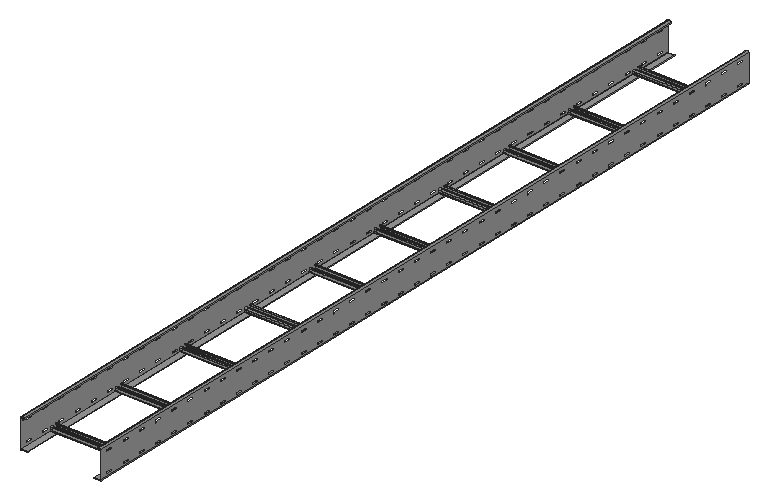
Revit family "Kabelleiter LG 113 VS 3 FT", category Generic Models, Revit 2017 (continued)
Forms (mm)
  Extrusion 155, void
    sketch origin (0, 2400, 0) x (0, 1, 0) y (0, 0, 1)
      loop
        line (23.5, 18.5) -> (23.5, 9.5) -> (51.5, 9.5) -> (51.5, 18.5) -> (23.5, 18.5)
    from 298.5 to 300
  Extrusion 156, void
    sketch origin (0, 2400, 75) x (0, 1, 0) y (0, 0, 1)
      loop
        line (23.5, 18.5) -> (23.5, 9.5) -> (51.5, 9.5) -> (51.5, 18.5) -> (23.5, 18.5)
    from 298.5 to 300
  Extrusion 157, void
    sketch origin (0, 2475, 0) x (0, 1, 0) y (0, 0, 1)
      loop
        line (23.5, 18.5) -> (23.5, 9.5) -> (51.5, 9.5) -> (51.5, 18.5) -> (23.5, 18.5)
    from 298.5 to 300
  Extrusion 158, void
    sketch origin (0, 2475, 75) x (0, 1, 0) y (0, 0, 1)
      loop
        line (23.5, 18.5) -> (23.5, 9.5) -> (51.5, 9.5) -> (51.5, 18.5) -> (23.5, 18.5)
    from 298.5 to 300
  Extrusion 159, void
    sketch origin (0, 2550, 0) x (0, 1, 0) y (0, 0, 1)
      loop
        line (23.5, 18.5) -> (23.5, 9.5) -> (51.5, 9.5) -> (51.5, 18.5) -> (23.5, 18.5)
    from 298.5 to 300
  Extrusion 160, void
    sketch origin (0, 2550, 75) x (0, 1, 0) y (0, 0, 1)
      loop
        line (23.5, 18.5) -> (23.5, 9.5) -> (51.5, 9.5) -> (51.5, 18.5) -> (23.5, 18.5)
    from 298.5 to 300
  Extrusion 161, void
    sketch origin (0, 2625, 0) x (0, 1, 0) y (0, 0, 1)
      loop
        line (23.5, 18.5) -> (23.5, 9.5) -> (51.5, 9.5) -> (51.5, 18.5) -> (23.5, 18.5)
    from 298.5 to 300
  Extrusion 162, void
    sketch origin (0, 2625, 75) x (0, 1, 0) y (0, 0, 1)
      loop
        line (23.5, 18.5) -> (23.5, 9.5) -> (51.5, 9.5) -> (51.5, 18.5) -> (23.5, 18.5)
    from 298.5 to 300
  Extrusion 163, void
    sketch origin (0, 2700, 0) x (0, 1, 0) y (0, 0, 1)
      loop
        line (23.5, 18.5) -> (23.5, 9.5) -> (51.5, 9.5) -> (51.5, 18.5) -> (23.5, 18.5)
    from 298.5 to 300
  Extrusion 164, void
    sketch origin (0, 2700, 75) x (0, 1, 0) y (0, 0, 1)
      loop
        line (23.5, 18.5) -> (23.5, 9.5) -> (51.5, 9.5) -> (51.5, 18.5) -> (23.5, 18.5)
    from 298.5 to 300
  Extrusion 165, void
    sketch origin (0, 2775, 0) x (0, 1, 0) y (0, 0, 1)
      loop
        line (23.5, 18.5) -> (23.5, 9.5) -> (51.5, 9.5) -> (51.5, 18.5) -> (23.5, 18.5)
    from 298.5 to 300
  Extrusion 166, void
    sketch origin (0, 2775, 75) x (0, 1, 0) y (0, 0, 1)
      loop
        line (23.5, 18.5) -> (23.5, 9.5) -> (51.5, 9.5) -> (51.5, 18.5) -> (23.5, 18.5)
    from 298.5 to 300
  Extrusion 167, void
    sketch origin (0, 2850, 0) x (0, 1, 0) y (0, 0, 1)
      loop
        line (23.5, 18.5) -> (23.5, 9.5) -> (51.5, 9.5) -> (51.5, 18.5) -> (23.5, 18.5)
    from 298.5 to 300
  Extrusion 168, void
    sketch origin (0, 2850, 75) x (0, 1, 0) y (0, 0, 1)
      loop
        line (23.5, 18.5) -> (23.5, 9.5) -> (51.5, 9.5) -> (51.5, 18.5) -> (23.5, 18.5)
    from 298.5 to 300
  Extrusion 169, void
    sketch origin (0, 2925, 0) x (0, 1, 0) y (0, 0, 1)
      loop
        line (23.5, 18.5) -> (23.5, 9.5) -> (51.5, 9.5) -> (51.5, 18.5) -> (23.5, 18.5)
    from 298.5 to 300
  Extrusion 170, void
    sketch origin (0, 2925, 75) x (0, 1, 0) y (0, 0, 1)
      loop
        line (23.5, 18.5) -> (23.5, 9.5) -> (51.5, 9.5) -> (51.5, 18.5) -> (23.5, 18.5)
    from 298.5 to 300
  Extrusion 171, void
    sketch origin (0, 0, 0) x (1, 0, 0) y (0, 1, 0)
      loop
        line (38.875, 153.481) -> (38.875, 146.443) -> (58.875, 146.443) -> (58.875, 153.481) -> (38.875, 153.481)
    from 1.5 to 3
  Extrusion 172, void
    sketch origin (50, 0, 0) x (1, 0, 0) y (0, 1, 0)
      loop
        line (38.875, 153.481) -> (38.875, 146.443) -> (58.875, 146.443) -> (58.875, 153.481) -> (38.875, 153.481)
    from 1.5 to 3
  Extrusion 173, void
    sketch origin (100, 0, 0) x (1, 0, 0) y (0, 1, 0)
      loop
        line (38.875, 153.481) -> (38.875, 146.443) -> (58.875, 146.443) -> (58.875, 153.481) -> (38.875, 153.481)
    from 1.5 to 3
  Extrusion 174, void
    sketch origin (150, 0, 0) x (1, 0, 0) y (0, 1, 0)
      loop
        line (38.875, 153.481) -> (38.875, 146.443) -> (58.875, 146.443) -> (58.875, 153.481) -> (38.875, 153.481)
    from 1.5 to 3
  Extrusion 175, void
    sketch origin (200, 0, 0) x (1, 0, 0) y (0, 1, 0)
      loop
        line (38.875, 153.481) -> (38.875, 146.443) -> (58.875, 146.443) -> (58.875, 153.481) -> (38.875, 153.481)
    from 1.5 to 3
  Extrusion 176, void, not visible
    sketch origin (0, 0, 0) x (1, 0, 0) y (0, 1, 0)
      loop
        line (38.875, 153.481) -> (38.875, 146.443) -> (58.875, 146.443) -> (58.875, 153.481) -> (38.875, 153.481)
    from 1.5 to 3
  Extrusion 177, void
    sketch origin (0, 300, 0) x (1, 0, 0) y (0, 1, 0)
      loop
        line (38.875, 153.481) -> (38.875, 146.443) -> (58.875, 146.443) -> (58.875, 153.481) -> (38.875, 153.481)
    from 1.5 to 3
  Extrusion 178, void
    sketch origin (50, 300, 0) x (1, 0, 0) y (0, 1, 0)
      loop
        line (38.875, 153.481) -> (38.875, 146.443) -> (58.875, 146.443) -> (58.875, 153.481) -> (38.875, 153.481)
    from 1.5 to 3
  Extrusion 179, void
    sketch origin (100, 300, 0) x (1, 0, 0) y (0, 1, 0)
      loop
        line (38.875, 153.481) -> (38.875, 146.443) -> (58.875, 146.443) -> (58.875, 153.481) -> (38.875, 153.481)
    from 1.5 to 3
  Extrusion 180, void
    sketch origin (150, 300, 0) x (1, 0, 0) y (0, 1, 0)
      loop
        line (38.875, 153.481) -> (38.875, 146.443) -> (58.875, 146.443) -> (58.875, 153.481) -> (38.875, 153.481)
    from 1.5 to 3
  Extrusion 181, void
    sketch origin (200, 300, 0) x (1, 0, 0) y (0, 1, 0)
      loop
        line (38.875, 153.481) -> (38.875, 146.443) -> (58.875, 146.443) -> (58.875, 153.481) -> (38.875, 153.481)
    from 1.5 to 3
  Extrusion 182, void
    sketch origin (0, 600, 0) x (1, 0, 0) y (0, 1, 0)
      loop
        line (38.875, 153.481) -> (38.875, 146.443) -> (58.875, 146.443) -> (58.875, 153.481) -> (38.875, 153.481)
    from 1.5 to 3
  Extrusion 183, void
    sketch origin (50, 600, 0) x (1, 0, 0) y (0, 1, 0)
      loop
        line (38.875, 153.481) -> (38.875, 146.443) -> (58.875, 146.443) -> (58.875, 153.481) -> (38.875, 153.481)
    from 1.5 to 3
  Extrusion 184, void
    sketch origin (100, 600, 0) x (1, 0, 0) y (0, 1, 0)
      loop
        line (38.875, 153.481) -> (38.875, 146.443) -> (58.875, 146.443) -> (58.875, 153.481) -> (38.875, 153.481)
    from 1.5 to 3
  Extrusion 185, void
    sketch origin (150, 600, 0) x (1, 0, 0) y (0, 1, 0)
      loop
        line (38.875, 153.481) -> (38.875, 146.443) -> (58.875, 146.443) -> (58.875, 153.481) -> (38.875, 153.481)
    from 1.5 to 3
  Extrusion 186, void
    sketch origin (200, 600, 0) x (1, 0, 0) y (0, 1, 0)
      loop
        line (38.875, 153.481) -> (38.875, 146.443) -> (58.875, 146.443) -> (58.875, 153.481) -> (38.875, 153.481)
    from 1.5 to 3
  Extrusion 187, void
    sketch origin (0, 900, 0) x (1, 0, 0) y (0, 1, 0)
      loop
        line (38.875, 153.481) -> (38.875, 146.443) -> (58.875, 146.443) -> (58.875, 153.481) -> (38.875, 153.481)
    from 1.5 to 3
  Extrusion 188, void
    sketch origin (50, 900, 0) x (1, 0, 0) y (0, 1, 0)
      loop
        line (38.875, 153.481) -> (38.875, 146.443) -> (58.875, 146.443) -> (58.875, 153.481) -> (38.875, 153.481)
    from 1.5 to 3
  Extrusion 189, void
    sketch origin (100, 900, 0) x (1, 0, 0) y (0, 1, 0)
      loop
        line (38.875, 153.481) -> (38.875, 146.443) -> (58.875, 146.443) -> (58.875, 153.481) -> (38.875, 153.481)
    from 1.5 to 3
  Extrusion 190, void
    sketch origin (150, 900, 0) x (1, 0, 0) y (0, 1, 0)
      loop
        line (38.875, 153.481) -> (38.875, 146.443) -> (58.875, 146.443) -> (58.875, 153.481) -> (38.875, 153.481)
    from 1.5 to 3
  Extrusion 191, void
    sketch origin (200, 900, 0) x (1, 0, 0) y (0, 1, 0)
      loop
        line (38.875, 153.481) -> (38.875, 146.443) -> (58.875, 146.443) -> (58.875, 153.481) -> (38.875, 153.481)
    from 1.5 to 3
  Extrusion 192, void
    sketch origin (0, 1200, 0) x (1, 0, 0) y (0, 1, 0)
      loop
        line (38.875, 153.481) -> (38.875, 146.443) -> (58.875, 146.443) -> (58.875, 153.481) -> (38.875, 153.481)
    from 1.5 to 3
  Extrusion 193, void
    sketch origin (50, 1200, 0) x (1, 0, 0) y (0, 1, 0)
      loop
        line (38.875, 153.481) -> (38.875, 146.443) -> (58.875, 146.443) -> (58.875, 153.481) -> (38.875, 153.481)
    from 1.5 to 3
  Extrusion 194, void
    sketch origin (100, 1200, 0) x (1, 0, 0) y (0, 1, 0)
      loop
        line (38.875, 153.481) -> (38.875, 146.443) -> (58.875, 146.443) -> (58.875, 153.481) -> (38.875, 153.481)
    from 1.5 to 3
  Extrusion 195, void
    sketch origin (150, 1200, 0) x (1, 0, 0) y (0, 1, 0)
      loop
        line (38.875, 153.481) -> (38.875, 146.443) -> (58.875, 146.443) -> (58.875, 153.481) -> (38.875, 153.481)
    from 1.5 to 3
  Extrusion 196, void
    sketch origin (200, 1200, 0) x (1, 0, 0) y (0, 1, 0)
      loop
        line (38.875, 153.481) -> (38.875, 146.443) -> (58.875, 146.443) -> (58.875, 153.481) -> (38.875, 153.481)
    from 1.5 to 3
  Extrusion 197, void
    sketch origin (0, 1800, 0) x (1, 0, 0) y (0, 1, 0)
      loop
        line (38.875, 153.481) -> (38.875, 146.443) -> (58.875, 146.443) -> (58.875, 153.481) -> (38.875, 153.481)
    from 1.5 to 3
  Extrusion 198, void
    sketch origin (50, 1800, 0) x (1, 0, 0) y (0, 1, 0)
      loop
        line (38.875, 153.481) -> (38.875, 146.443) -> (58.875, 146.443) -> (58.875, 153.481) -> (38.875, 153.481)
    from 1.5 to 3
  Extrusion 199, void
    sketch origin (100, 1800, 0) x (1, 0, 0) y (0, 1, 0)
      loop
        line (38.875, 153.481) -> (38.875, 146.443) -> (58.875, 146.443) -> (58.875, 153.481) -> (38.875, 153.481)
    from 1.5 to 3
  Extrusion 200, void
    sketch origin (150, 1800, 0) x (1, 0, 0) y (0, 1, 0)
      loop
        line (38.875, 153.481) -> (38.875, 146.443) -> (58.875, 146.443) -> (58.875, 153.481) -> (38.875, 153.481)
    from 1.5 to 3
  Extrusion 201, void
    sketch origin (200, 1800, 0) x (1, 0, 0) y (0, 1, 0)
      loop
        line (38.875, 153.481) -> (38.875, 146.443) -> (58.875, 146.443) -> (58.875, 153.481) -> (38.875, 153.481)
    from 1.5 to 3
  Extrusion 202, void
    sketch origin (0, 2100, 0) x (1, 0, 0) y (0, 1, 0)
      loop
        line (38.875, 153.481) -> (38.875, 146.443) -> (58.875, 146.443) -> (58.875, 153.481) -> (38.875, 153.481)
    from 1.5 to 3
  Extrusion 203, void
    sketch origin (50, 2100, 0) x (1, 0, 0) y (0, 1, 0)
      loop
        line (38.875, 153.481) -> (38.875, 146.443) -> (58.875, 146.443) -> (58.875, 153.481) -> (38.875, 153.481)
    from 1.5 to 3
  Extrusion 204, void
    sketch origin (100, 2100, 0) x (1, 0, 0) y (0, 1, 0)
      loop
        line (38.875, 153.481) -> (38.875, 146.443) -> (58.875, 146.443) -> (58.875, 153.481) -> (38.875, 153.481)
    from 1.5 to 3
  Extrusion 205, void
    sketch origin (150, 2100, 0) x (1, 0, 0) y (0, 1, 0)
      loop
        line (38.875, 153.481) -> (38.875, 146.443) -> (58.875, 146.443) -> (58.875, 153.481) -> (38.875, 153.481)
    from 1.5 to 3
  Extrusion 206, void
    sketch origin (200, 2100, 0) x (1, 0, 0) y (0, 1, 0)
      loop
        line (38.875, 153.481) -> (38.875, 146.443) -> (58.875, 146.443) -> (58.875, 153.481) -> (38.875, 153.481)
    from 1.5 to 3
  Extrusion 207, void
    sketch origin (0, 2400, 0) x (1, 0, 0) y (0, 1, 0)
      loop
        line (38.875, 153.481) -> (38.875, 146.443) -> (58.875, 146.443) -> (58.875, 153.481) -> (38.875, 153.481)
    from 1.5 to 3
  Extrusion 208, void
    sketch origin (50, 2400, 0) x (1, 0, 0) y (0, 1, 0)
      loop
        line (38.875, 153.481) -> (38.875, 146.443) -> (58.875, 146.443) -> (58.875, 153.481) -> (38.875, 153.481)
    from 1.5 to 3
  Extrusion 209, void
    sketch origin (100, 2400, 0) x (1, 0, 0) y (0, 1, 0)
      loop
        line (38.875, 153.481) -> (38.875, 146.443) -> (58.875, 146.443) -> (58.875, 153.481) -> (38.875, 153.481)
    from 1.5 to 3
  Extrusion 210, void
    sketch origin (150, 2400, 0) x (1, 0, 0) y (0, 1, 0)
      loop
        line (38.875, 153.481) -> (38.875, 146.443) -> (58.875, 146.443) -> (58.875, 153.481) -> (38.875, 153.481)
    from 1.5 to 3
  Extrusion 211, void
    sketch origin (200, 2400, 0) x (1, 0, 0) y (0, 1, 0)
      loop
        line (38.875, 153.481) -> (38.875, 146.443) -> (58.875, 146.443) -> (58.875, 153.481) -> (38.875, 153.481)
    from 1.5 to 3
  Extrusion 212, void
    sketch origin (0, 2700, 0) x (1, 0, 0) y (0, 1, 0)
      loop
        line (38.875, 153.481) -> (38.875, 146.443) -> (58.875, 146.443) -> (58.875, 153.481) -> (38.875, 153.481)
    from 1.5 to 3
  Extrusion 213, void
    sketch origin (50, 2700, 0) x (1, 0, 0) y (0, 1, 0)
      loop
        line (38.875, 153.481) -> (38.875, 146.443) -> (58.875, 146.443) -> (58.875, 153.481) -> (38.875, 153.481)
    from 1.5 to 3
  Extrusion 214, void
    sketch origin (100, 2700, 0) x (1, 0, 0) y (0, 1, 0)
      loop
        line (38.875, 153.481) -> (38.875, 146.443) -> (58.875, 146.443) -> (58.875, 153.481) -> (38.875, 153.481)
    from 1.5 to 3
  Extrusion 215, void
    sketch origin (150, 2700, 0) x (1, 0, 0) y (0, 1, 0)
      loop
        line (38.875, 153.481) -> (38.875, 146.443) -> (58.875, 146.443) -> (58.875, 153.481) -> (38.875, 153.481)
    from 1.5 to 3
  Extrusion 216, void
    sketch origin (200, 2700, 0) x (1, 0, 0) y (0, 1, 0)
      loop
        line (38.875, 153.481) -> (38.875, 146.443) -> (58.875, 146.443) -> (58.875, 153.481) -> (38.875, 153.481)
    from 1.5 to 3
  Extrusion 217, solid, material "Hot dip galvanised" <- "Material"
    sketch origin (0, 1500, 0) x (0, 1, 0) y (0, 0, 1)
      loop
        line (150, 3) -> (138, 3)
        arc (138, 3) -> (136.939, 3.439) -> (136.5, 4.5) r 1.5
        line (136.5, 4.5) -> (136.5, 13.5)
        arc (136.5, 13.5) -> (136.939, 14.561) -> (138, 15) r 1.5
        line (138, 15) -> (141.522, 15) -> (141.522, 16.5) -> (138, 16.5)
        arc (138, 16.5) -> (135.879, 15.621) -> (135, 13.5) r 3
        line (135, 13.5) -> (135, 4.5)
        arc (135, 4.5) -> (135.879, 2.379) -> (138, 1.5) r 3
        line (138, 1.5) -> (150, 1.5) -> (162, 1.5)
        arc (162, 1.5) -> (164.121, 2.379) -> (165, 4.5) r 3
        line (165, 4.5) -> (165, 13.5)
        arc (165, 13.5) -> (164.121, 15.621) -> (162, 16.5) r 3
        line (162, 16.5) -> (158.481, 16.5) -> (158.481, 15) -> (162, 15)
        arc (162, 15) -> (163.061, 14.561) -> (163.5, 13.5) r 1.5
        line (163.5, 13.5) -> (163.5, 4.5)
        arc (163.5, 4.5) -> (163.061, 3.439) -> (162, 3) r 1.5
        line (162, 3) -> (150, 3)
    from 1.375 to 298.406
  Extrusion 218, void
    sketch origin (0, 1500, 0) x (1, 0, 0) y (0, 1, 0)
      loop
        line (38.875, 153.481) -> (38.875, 146.443) -> (58.875, 146.443) -> (58.875, 153.481) -> (38.875, 153.481)
    from 1.5 to 3
  Extrusion 219, void
    sketch origin (50, 1500, 0) x (1, 0, 0) y (0, 1, 0)
      loop
        line (38.875, 153.481) -> (38.875, 146.443) -> (58.875, 146.443) -> (58.875, 153.481) -> (38.875, 153.481)
    from 1.5 to 3
  Extrusion 220, void
    sketch origin (100, 1500, 0) x (1, 0, 0) y (0, 1, 0)
      loop
        line (38.875, 153.481) -> (38.875, 146.443) -> (58.875, 146.443) -> (58.875, 153.481) -> (38.875, 153.481)
    from 1.5 to 3
  Extrusion 221, void
    sketch origin (150, 1500, 0) x (1, 0, 0) y (0, 1, 0)
      loop
        line (38.875, 153.481) -> (38.875, 146.443) -> (58.875, 146.443) -> (58.875, 153.481) -> (38.875, 153.481)
    from 1.5 to 3
  Extrusion 222, void
    sketch origin (200, 1500, 0) x (1, 0, 0) y (0, 1, 0)
      loop
        line (38.875, 153.481) -> (38.875, 146.443) -> (58.875, 146.443) -> (58.875, 153.481) -> (38.875, 153.481)
    from 1.5 to 3
Cuts and joins
  Extrusion 11, Extrusion 12, Extrusion 13, Extrusion 14, Extrusion 15, Extrusion 16, Extrusion 17, Extrusion 18, Extrusion 19, Extrusion 20, Extrusion 21, Extrusion 22, Extrusion 23, Extrusion 24, Extrusion 25, Extrusion 26, Extrusion 27, Extrusion 28, Extrusion 29, Extrusion 30, Extrusion 31, Extrusion 32, Extrusion 33, Extrusion 34, Extrusion 35, Extrusion 36, Extrusion 37, Extrusion 38, Extrusion 39, Extrusion 40, Extrusion 41, Extrusion 42, Extrusion 43, Extrusion 44, Extrusion 45, Extrusion 46, Extrusion 47, Extrusion 48, Extrusion 49, Extrusion 50, Extrusion 51, Extrusion 52, Extrusion 53, Extrusion 54, Extrusion 55, Extrusion 56, Extrusion 57, Extrusion 58, Extrusion 59, Extrusion 60, Extrusion 61, Extrusion 62, Extrusion 63, Extrusion 64, Extrusion 65, Extrusion 66, Extrusion 67, Extrusion 68, Extrusion 69, Extrusion 70, Extrusion 71, Extrusion 72, Extrusion 73, Extrusion 74, Extrusion 75, Extrusion 76, Extrusion 77, Extrusion 78, Extrusion 79, Extrusion 80, Extrusion 81, Extrusion 82, Extrusion 83, Extrusion 84, Extrusion 85, Extrusion 86, Extrusion 87, Extrusion 88, Extrusion 89, Extrusion 90, Extrusion 91, Extrusion 92, Extrusion 93, Extrusion 94, Extrusion 95, Extrusion 96, Extrusion 97, Extrusion 98, Extrusion 99, Extrusion 100, Extrusion 101, Extrusion 102, Extrusion 103, Extrusion 104, Extrusion 105, Extrusion 106, Extrusion 107, Extrusion 108, Extrusion 109, Extrusion 110, Extrusion 111, Extrusion 112, Extrusion 113, Extrusion 114, Extrusion 115, Extrusion 116, Extrusion 117, Extrusion 118, Extrusion 119, Extrusion 120, Extrusion 121, Extrusion 122, Extrusion 123, Extrusion 124, Extrusion 125, Extrusion 126, Extrusion 127, Extrusion 128, Extrusion 129, Extrusion 130, Extrusion 131, Extrusion 132, Extrusion 133, Extrusion 134, Extrusion 135, Extrusion 136, Extrusion 137, Extrusion 138, Extrusion 139, Extrusion 140, Extrusion 141, Extrusion 142, Extrusion 143, Extrusion 144, Extrusion 145, Extrusion 146, Extrusion 147, Extrusion 148, Extrusion 149, Extrusion 150, Extrusion 151, Extrusion 152, Extrusion 153, Extrusion 154, Extrusion 155, Extrusion 156, Extrusion 157, Extrusion 158, Extrusion 159, Extrusion 160, Extrusion 161, Extrusion 162, Extrusion 163, Extrusion 164, Extrusion 165, Extrusion 166, Extrusion 167, Extrusion 168, Extrusion 169, Extrusion 170 cuts Extrusion 1
  Extrusion 171, Extrusion 172, Extrusion 173, Extrusion 174, Extrusion 175, Extrusion 177, Extrusion 178, Extrusion 179, Extrusion 180, Extrusion 181 cuts Extrusion 2
  Extrusion 182 cuts Extrusion 4
  Extrusion 187 cuts Extrusion 5
  Extrusion 192, Extrusion 218, Extrusion 219, Extrusion 220, Extrusion 221, Extrusion 222 cuts Extrusion 6
  Extrusion 197 cuts Extrusion 7
  Extrusion 202 cuts Extrusion 8
  Extrusion 207 cuts Extrusion 9
  Extrusion 212 cuts Extrusion 10
Dimensions and locks
  locked: Extrusion 1 sketch curve to Extrusion 1 sketch curve at 1.5  (x5)
  locked: Extrusion 1 sketch curve to Extrusion 1 sketch curve at 26.959
  locked: Extrusion 1 sketch curve to Extrusion 1 sketch curve at 12
  locked: Extrusion 1 sketch curve to Extrusion 1 sketch curve at 110  (x2)
  locked: plane 5 to Extrusion 1 sketch curve at 1.5
  locked: Extrusion 1 sketch curve to Extrusion 1 sketch curve at 9  (x2)
  Extrusion 1 sketch curve to Extrusion 1 sketch curve = 110 mm
  locked: Extrusion 1 sketch curve to Extrusion 1 sketch curve at 7.5
  locked: Extrusion 1 sketch curve to Extrusion 1 sketch curve at 27
  Extrusion 1 sketch curve to Extrusion 1 sketch curve = 1.5 mm
  "Width": plane 8 to plane 3 "Center (Left/Right)"
  "Width 1": plane 9 to plane 3 "Center (Left/Right)"
  plane 1 "Center (Front/Back)" to plane 10 = 3000 mm
  locked: Extrusion 2 sketch curve to Extrusion 2 sketch curve at 16.959
  locked: Extrusion 2 sketch curve to Extrusion 2 sketch curve at 30
  locked: Extrusion 2 sketch curve to Extrusion 2 sketch curve at 27
  locked: Extrusion 2 sketch curve to Extrusion 2 sketch curve at 1.5  (x3)
  Extrusion 2 sketch curve to Extrusion 2 sketch curve = 1.5 mm
  locked: Extrusion 2 sketch curve to plane 11 at 15
  locked: plane 3 "Center (Left/Right)" to plane 12 at 1.375
  locked: plane 13 to plane 8 at 1.594
  locked: Extrusion 3 sketch curve to Extrusion 3 sketch curve at 16.959
  locked: Extrusion 3 sketch curve to Extrusion 3 sketch curve at 30
  locked: Extrusion 3 sketch curve to Extrusion 3 sketch curve at 27
  locked: Extrusion 3 sketch curve to Extrusion 3 sketch curve at 1.5  (x3)
  Extrusion 3 sketch curve to Extrusion 3 sketch curve = 1.5 mm
  locked: Extrusion 3 sketch curve to plane 14 at 15
  locked: Extrusion 4 sketch curve to Extrusion 4 sketch curve at 16.959
  locked: Extrusion 4 sketch curve to Extrusion 4 sketch curve at 30
  locked: Extrusion 4 sketch curve to Extrusion 4 sketch curve at 27
  locked: Extrusion 4 sketch curve to Extrusion 4 sketch curve at 1.5  (x3)
  Extrusion 4 sketch curve to Extrusion 4 sketch curve = 1.5 mm
  locked: Extrusion 4 sketch curve to plane 15 at 15
  locked: Extrusion 5 sketch curve to Extrusion 5 sketch curve at 16.959
  locked: Extrusion 5 sketch curve to Extrusion 5 sketch curve at 30
  locked: Extrusion 5 sketch curve to Extrusion 5 sketch curve at 27
  locked: Extrusion 5 sketch curve to Extrusion 5 sketch curve at 1.5  (x3)
  Extrusion 5 sketch curve to Extrusion 5 sketch curve = 1.5 mm
  locked: Extrusion 5 sketch curve to plane 16 at 15
  locked: Extrusion 6 sketch curve to Extrusion 6 sketch curve at 16.959
  locked: Extrusion 6 sketch curve to Extrusion 6 sketch curve at 30
  locked: Extrusion 6 sketch curve to Extrusion 6 sketch curve at 27
  locked: Extrusion 6 sketch curve to Extrusion 6 sketch curve at 1.5  (x3)
  Extrusion 6 sketch curve to Extrusion 6 sketch curve = 1.5 mm
  locked: Extrusion 6 sketch curve to plane 17 at 15
  locked: Extrusion 7 sketch curve to Extrusion 7 sketch curve at 16.959
  locked: Extrusion 7 sketch curve to Extrusion 7 sketch curve at 30
  locked: Extrusion 7 sketch curve to Extrusion 7 sketch curve at 27
  locked: Extrusion 7 sketch curve to Extrusion 7 sketch curve at 1.5  (x3)
  Extrusion 7 sketch curve to Extrusion 7 sketch curve = 1.5 mm
  locked: Extrusion 7 sketch curve to plane 18 at 15
  locked: Extrusion 8 sketch curve to Extrusion 8 sketch curve at 16.959
  locked: Extrusion 8 sketch curve to Extrusion 8 sketch curve at 30
  locked: Extrusion 8 sketch curve to Extrusion 8 sketch curve at 27
  locked: Extrusion 8 sketch curve to Extrusion 8 sketch curve at 1.5  (x3)
  Extrusion 8 sketch curve to Extrusion 8 sketch curve = 1.5 mm
  locked: Extrusion 8 sketch curve to plane 19 at 15
  locked: Extrusion 9 sketch curve to Extrusion 9 sketch curve at 16.959
  locked: Extrusion 9 sketch curve to Extrusion 9 sketch curve at 30
  locked: Extrusion 9 sketch curve to Extrusion 9 sketch curve at 27
  locked: Extrusion 9 sketch curve to Extrusion 9 sketch curve at 1.5  (x3)
  Extrusion 9 sketch curve to Extrusion 9 sketch curve = 1.5 mm
  locked: Extrusion 9 sketch curve to plane 20 at 15
  locked: Extrusion 10 sketch curve to Extrusion 10 sketch curve at 16.959
  locked: Extrusion 10 sketch curve to Extrusion 10 sketch curve at 30
  locked: Extrusion 10 sketch curve to Extrusion 10 sketch curve at 27
  locked: Extrusion 10 sketch curve to Extrusion 10 sketch curve at 1.5  (x3)
  Extrusion 10 sketch curve to Extrusion 10 sketch curve = 1.5 mm
  locked: Extrusion 10 sketch curve to plane 21 at 15
  locked: Extrusion 11 sketch curve to Extrusion 11 sketch curve at 9
  locked: plane 23 to Extrusion 11 sketch curve at 4.5
  locked: Extrusion 11 sketch curve to Extrusion 11 sketch curve at 28
  locked: plane 22 to Extrusion 11 sketch curve at 14
  locked: Extrusion 12 sketch curve to Extrusion 12 sketch curve at 9
  locked: plane 25 to Extrusion 12 sketch curve at 4.5
  locked: Extrusion 12 sketch curve to Extrusion 12 sketch curve at 28
  locked: plane 24 to Extrusion 12 sketch curve at 14
  locked: Extrusion 13 sketch curve to Extrusion 13 sketch curve at 9
  locked: plane 27 to Extrusion 13 sketch curve at 4.5
  locked: Extrusion 13 sketch curve to Extrusion 13 sketch curve at 28
  locked: plane 26 to Extrusion 13 sketch curve at 14
  locked: Extrusion 14 sketch curve to Extrusion 14 sketch curve at 9
  locked: plane 29 to Extrusion 14 sketch curve at 4.5
  locked: Extrusion 14 sketch curve to Extrusion 14 sketch curve at 28
  locked: plane 28 to Extrusion 14 sketch curve at 14
  locked: Extrusion 15 sketch curve to Extrusion 15 sketch curve at 9
  locked: plane 31 to Extrusion 15 sketch curve at 4.5
  locked: Extrusion 15 sketch curve to Extrusion 15 sketch curve at 28
  locked: plane 30 to Extrusion 15 sketch curve at 14
  locked: Extrusion 16 sketch curve to Extrusion 16 sketch curve at 9
  locked: plane 33 to Extrusion 16 sketch curve at 4.5
  locked: Extrusion 16 sketch curve to Extrusion 16 sketch curve at 28
  locked: plane 32 to Extrusion 16 sketch curve at 14
  locked: Extrusion 17 sketch curve to Extrusion 17 sketch curve at 9
  locked: plane 35 to Extrusion 17 sketch curve at 4.5
  locked: Extrusion 17 sketch curve to Extrusion 17 sketch curve at 28
  locked: plane 34 to Extrusion 17 sketch curve at 14
  locked: Extrusion 18 sketch curve to Extrusion 18 sketch curve at 9
  locked: plane 37 to Extrusion 18 sketch curve at 4.5
  locked: Extrusion 18 sketch curve to Extrusion 18 sketch curve at 28
  locked: plane 36 to Extrusion 18 sketch curve at 14
  locked: Extrusion 19 sketch curve to Extrusion 19 sketch curve at 9
  locked: plane 39 to Extrusion 19 sketch curve at 4.5
  locked: Extrusion 19 sketch curve to Extrusion 19 sketch curve at 28
  locked: plane 38 to Extrusion 19 sketch curve at 14
  locked: Extrusion 20 sketch curve to Extrusion 20 sketch curve at 9
  locked: plane 41 to Extrusion 20 sketch curve at 4.5
  locked: Extrusion 20 sketch curve to Extrusion 20 sketch curve at 28
  locked: plane 40 to Extrusion 20 sketch curve at 14
  locked: Extrusion 21 sketch curve to Extrusion 21 sketch curve at 9
  locked: plane 43 to Extrusion 21 sketch curve at 4.5
  locked: Extrusion 21 sketch curve to Extrusion 21 sketch curve at 28
  locked: plane 42 to Extrusion 21 sketch curve at 14
  locked: Extrusion 22 sketch curve to Extrusion 22 sketch curve at 9
  locked: plane 45 to Extrusion 22 sketch curve at 4.5
  locked: Extrusion 22 sketch curve to Extrusion 22 sketch curve at 28
  locked: plane 44 to Extrusion 22 sketch curve at 14
  locked: Extrusion 23 sketch curve to Extrusion 23 sketch curve at 9
  locked: plane 47 to Extrusion 23 sketch curve at 4.5
  locked: Extrusion 23 sketch curve to Extrusion 23 sketch curve at 28
  locked: plane 46 to Extrusion 23 sketch curve at 14
  locked: Extrusion 24 sketch curve to Extrusion 24 sketch curve at 9
  locked: plane 49 to Extrusion 24 sketch curve at 4.5
  locked: Extrusion 24 sketch curve to Extrusion 24 sketch curve at 28
  locked: plane 48 to Extrusion 24 sketch curve at 14
  locked: Extrusion 25 sketch curve to Extrusion 25 sketch curve at 9
  locked: plane 51 to Extrusion 25 sketch curve at 4.5
  locked: Extrusion 25 sketch curve to Extrusion 25 sketch curve at 28
  locked: plane 50 to Extrusion 25 sketch curve at 14
  locked: Extrusion 26 sketch curve to Extrusion 26 sketch curve at 9
  locked: plane 53 to Extrusion 26 sketch curve at 4.5
  locked: Extrusion 26 sketch curve to Extrusion 26 sketch curve at 28
  locked: plane 52 to Extrusion 26 sketch curve at 14
  locked: Extrusion 27 sketch curve to Extrusion 27 sketch curve at 9
  locked: plane 55 to Extrusion 27 sketch curve at 4.5
  locked: Extrusion 27 sketch curve to Extrusion 27 sketch curve at 28
  locked: plane 54 to Extrusion 27 sketch curve at 14
  locked: Extrusion 28 sketch curve to Extrusion 28 sketch curve at 9
  locked: plane 57 to Extrusion 28 sketch curve at 4.5
  locked: Extrusion 28 sketch curve to Extrusion 28 sketch curve at 28
  locked: plane 56 to Extrusion 28 sketch curve at 14
  locked: Extrusion 29 sketch curve to Extrusion 29 sketch curve at 9
  locked: plane 59 to Extrusion 29 sketch curve at 4.5
  locked: Extrusion 29 sketch curve to Extrusion 29 sketch curve at 28
  locked: plane 58 to Extrusion 29 sketch curve at 14
  locked: Extrusion 30 sketch curve to Extrusion 30 sketch curve at 9
  locked: plane 61 to Extrusion 30 sketch curve at 4.5
  locked: Extrusion 30 sketch curve to Extrusion 30 sketch curve at 28
  locked: plane 60 to Extrusion 30 sketch curve at 14
  locked: Extrusion 31 sketch curve to Extrusion 31 sketch curve at 9
  locked: plane 63 to Extrusion 31 sketch curve at 4.5
  locked: Extrusion 31 sketch curve to Extrusion 31 sketch curve at 28
  locked: plane 62 to Extrusion 31 sketch curve at 14
  locked: Extrusion 32 sketch curve to Extrusion 32 sketch curve at 9
  locked: plane 65 to Extrusion 32 sketch curve at 4.5
  locked: Extrusion 32 sketch curve to Extrusion 32 sketch curve at 28
  locked: plane 64 to Extrusion 32 sketch curve at 14
  locked: Extrusion 33 sketch curve to Extrusion 33 sketch curve at 9
  locked: plane 67 to Extrusion 33 sketch curve at 4.5
  locked: Extrusion 33 sketch curve to Extrusion 33 sketch curve at 28
  locked: plane 66 to Extrusion 33 sketch curve at 14
  locked: Extrusion 34 sketch curve to Extrusion 34 sketch curve at 9
  locked: plane 69 to Extrusion 34 sketch curve at 4.5
  locked: Extrusion 34 sketch curve to Extrusion 34 sketch curve at 28
  locked: plane 68 to Extrusion 34 sketch curve at 14
  locked: Extrusion 35 sketch curve to Extrusion 35 sketch curve at 9
  locked: plane 71 to Extrusion 35 sketch curve at 4.5
  locked: Extrusion 35 sketch curve to Extrusion 35 sketch curve at 28
  locked: plane 70 to Extrusion 35 sketch curve at 14
  locked: Extrusion 36 sketch curve to Extrusion 36 sketch curve at 9
  locked: plane 73 to Extrusion 36 sketch curve at 4.5
  locked: Extrusion 36 sketch curve to Extrusion 36 sketch curve at 28
  locked: plane 72 to Extrusion 36 sketch curve at 14
  locked: Extrusion 37 sketch curve to Extrusion 37 sketch curve at 9
  locked: plane 75 to Extrusion 37 sketch curve at 4.5
  locked: Extrusion 37 sketch curve to Extrusion 37 sketch curve at 28
  locked: plane 74 to Extrusion 37 sketch curve at 14
  locked: Extrusion 38 sketch curve to Extrusion 38 sketch curve at 9
  locked: plane 77 to Extrusion 38 sketch curve at 4.5
  locked: Extrusion 38 sketch curve to Extrusion 38 sketch curve at 28
  locked: plane 76 to Extrusion 38 sketch curve at 14
  locked: Extrusion 39 sketch curve to Extrusion 39 sketch curve at 9
  locked: plane 79 to Extrusion 39 sketch curve at 4.5
  locked: Extrusion 39 sketch curve to Extrusion 39 sketch curve at 28
  locked: plane 78 to Extrusion 39 sketch curve at 14
  locked: Extrusion 40 sketch curve to Extrusion 40 sketch curve at 9
  locked: plane 81 to Extrusion 40 sketch curve at 4.5
  locked: Extrusion 40 sketch curve to Extrusion 40 sketch curve at 28
  locked: plane 80 to Extrusion 40 sketch curve at 14
  locked: Extrusion 41 sketch curve to Extrusion 41 sketch curve at 9
  locked: plane 83 to Extrusion 41 sketch curve at 4.5
  locked: Extrusion 41 sketch curve to Extrusion 41 sketch curve at 28
  locked: plane 82 to Extrusion 41 sketch curve at 14
  locked: Extrusion 42 sketch curve to Extrusion 42 sketch curve at 9
  locked: plane 85 to Extrusion 42 sketch curve at 4.5
  locked: Extrusion 42 sketch curve to Extrusion 42 sketch curve at 28
  locked: plane 84 to Extrusion 42 sketch curve at 14
  locked: Extrusion 43 sketch curve to Extrusion 43 sketch curve at 9
  locked: plane 87 to Extrusion 43 sketch curve at 4.5
  locked: Extrusion 43 sketch curve to Extrusion 43 sketch curve at 28
  locked: plane 86 to Extrusion 43 sketch curve at 14
  locked: Extrusion 44 sketch curve to Extrusion 44 sketch curve at 9
  locked: plane 89 to Extrusion 44 sketch curve at 4.5
  locked: Extrusion 44 sketch curve to Extrusion 44 sketch curve at 28
  locked: plane 88 to Extrusion 44 sketch curve at 14
  locked: Extrusion 45 sketch curve to Extrusion 45 sketch curve at 9
  locked: plane 91 to Extrusion 45 sketch curve at 4.5
  locked: Extrusion 45 sketch curve to Extrusion 45 sketch curve at 28
  locked: plane 90 to Extrusion 45 sketch curve at 14
  locked: Extrusion 46 sketch curve to Extrusion 46 sketch curve at 9
  locked: plane 93 to Extrusion 46 sketch curve at 4.5
  locked: Extrusion 46 sketch curve to Extrusion 46 sketch curve at 28
  locked: plane 92 to Extrusion 46 sketch curve at 14
  locked: Extrusion 47 sketch curve to Extrusion 47 sketch curve at 9
  locked: plane 95 to Extrusion 47 sketch curve at 4.5
  locked: Extrusion 47 sketch curve to Extrusion 47 sketch curve at 28
  locked: plane 94 to Extrusion 47 sketch curve at 14
  locked: Extrusion 48 sketch curve to Extrusion 48 sketch curve at 9
  locked: plane 97 to Extrusion 48 sketch curve at 4.5
  locked: Extrusion 48 sketch curve to Extrusion 48 sketch curve at 28
  locked: plane 96 to Extrusion 48 sketch curve at 14
  locked: Extrusion 49 sketch curve to Extrusion 49 sketch curve at 9
  locked: plane 99 to Extrusion 49 sketch curve at 4.5
  locked: Extrusion 49 sketch curve to Extrusion 49 sketch curve at 28
  locked: plane 98 to Extrusion 49 sketch curve at 14
  locked: Extrusion 50 sketch curve to Extrusion 50 sketch curve at 9
  locked: plane 101 to Extrusion 50 sketch curve at 4.5
  locked: Extrusion 50 sketch curve to Extrusion 50 sketch curve at 28
  locked: plane 100 to Extrusion 50 sketch curve at 14
  locked: Extrusion 51 sketch curve to Extrusion 51 sketch curve at 9
  locked: plane 103 to Extrusion 51 sketch curve at 4.5
  locked: Extrusion 51 sketch curve to Extrusion 51 sketch curve at 28
  locked: plane 102 to Extrusion 51 sketch curve at 14
  locked: Extrusion 52 sketch curve to Extrusion 52 sketch curve at 9
  locked: plane 105 to Extrusion 52 sketch curve at 4.5
  locked: Extrusion 52 sketch curve to Extrusion 52 sketch curve at 28
  locked: plane 104 to Extrusion 52 sketch curve at 14
  locked: Extrusion 53 sketch curve to Extrusion 53 sketch curve at 9
  locked: plane 107 to Extrusion 53 sketch curve at 4.5
  locked: Extrusion 53 sketch curve to Extrusion 53 sketch curve at 28
  locked: plane 106 to Extrusion 53 sketch curve at 14
  locked: Extrusion 54 sketch curve to Extrusion 54 sketch curve at 9
  locked: plane 109 to Extrusion 54 sketch curve at 4.5
  locked: Extrusion 54 sketch curve to Extrusion 54 sketch curve at 28
  locked: plane 108 to Extrusion 54 sketch curve at 14
  locked: Extrusion 55 sketch curve to Extrusion 55 sketch curve at 9
  locked: plane 111 to Extrusion 55 sketch curve at 4.5
  locked: Extrusion 55 sketch curve to Extrusion 55 sketch curve at 28
  locked: plane 110 to Extrusion 55 sketch curve at 14
  locked: Extrusion 56 sketch curve to Extrusion 56 sketch curve at 9
  locked: plane 113 to Extrusion 56 sketch curve at 4.5
  locked: Extrusion 56 sketch curve to Extrusion 56 sketch curve at 28
  locked: plane 112 to Extrusion 56 sketch curve at 14
  locked: Extrusion 57 sketch curve to Extrusion 57 sketch curve at 9
  locked: plane 115 to Extrusion 57 sketch curve at 4.5
  locked: Extrusion 57 sketch curve to Extrusion 57 sketch curve at 28
  locked: plane 114 to Extrusion 57 sketch curve at 14
  locked: Extrusion 58 sketch curve to Extrusion 58 sketch curve at 9
  locked: plane 117 to Extrusion 58 sketch curve at 4.5
  locked: Extrusion 58 sketch curve to Extrusion 58 sketch curve at 28
  locked: plane 116 to Extrusion 58 sketch curve at 14
  locked: Extrusion 59 sketch curve to Extrusion 59 sketch curve at 9
  locked: plane 119 to Extrusion 59 sketch curve at 4.5
  locked: Extrusion 59 sketch curve to Extrusion 59 sketch curve at 28
  locked: plane 118 to Extrusion 59 sketch curve at 14
  locked: Extrusion 60 sketch curve to Extrusion 60 sketch curve at 9
  locked: plane 121 to Extrusion 60 sketch curve at 4.5
  locked: Extrusion 60 sketch curve to Extrusion 60 sketch curve at 28
  locked: plane 120 to Extrusion 60 sketch curve at 14
  locked: Extrusion 61 sketch curve to Extrusion 61 sketch curve at 9
  locked: plane 123 to Extrusion 61 sketch curve at 4.5
  locked: Extrusion 61 sketch curve to Extrusion 61 sketch curve at 28
  locked: plane 122 to Extrusion 61 sketch curve at 14
  locked: Extrusion 62 sketch curve to Extrusion 62 sketch curve at 9
  locked: plane 125 to Extrusion 62 sketch curve at 4.5
  locked: Extrusion 62 sketch curve to Extrusion 62 sketch curve at 28
  locked: plane 124 to Extrusion 62 sketch curve at 14
  locked: Extrusion 63 sketch curve to Extrusion 63 sketch curve at 9
  locked: plane 127 to Extrusion 63 sketch curve at 4.5
  locked: Extrusion 63 sketch curve to Extrusion 63 sketch curve at 28
  locked: plane 126 to Extrusion 63 sketch curve at 14
  locked: Extrusion 64 sketch curve to Extrusion 64 sketch curve at 9
  locked: plane 129 to Extrusion 64 sketch curve at 4.5
  locked: Extrusion 64 sketch curve to Extrusion 64 sketch curve at 28
  locked: plane 128 to Extrusion 64 sketch curve at 14
  locked: Extrusion 65 sketch curve to Extrusion 65 sketch curve at 9
  locked: plane 131 to Extrusion 65 sketch curve at 4.5
  locked: Extrusion 65 sketch curve to Extrusion 65 sketch curve at 28
  locked: plane 130 to Extrusion 65 sketch curve at 14
  locked: Extrusion 66 sketch curve to Extrusion 66 sketch curve at 9
  locked: plane 133 to Extrusion 66 sketch curve at 4.5
  locked: Extrusion 66 sketch curve to Extrusion 66 sketch curve at 28
  locked: plane 132 to Extrusion 66 sketch curve at 14
  locked: Extrusion 67 sketch curve to Extrusion 67 sketch curve at 9
  locked: plane 135 to Extrusion 67 sketch curve at 4.5
  locked: Extrusion 67 sketch curve to Extrusion 67 sketch curve at 28
  locked: plane 134 to Extrusion 67 sketch curve at 14
  locked: Extrusion 68 sketch curve to Extrusion 68 sketch curve at 9
  locked: plane 137 to Extrusion 68 sketch curve at 4.5
  locked: Extrusion 68 sketch curve to Extrusion 68 sketch curve at 28
  locked: plane 136 to Extrusion 68 sketch curve at 14
  locked: Extrusion 69 sketch curve to Extrusion 69 sketch curve at 9
  locked: plane 139 to Extrusion 69 sketch curve at 4.5
  locked: Extrusion 69 sketch curve to Extrusion 69 sketch curve at 28
  locked: plane 138 to Extrusion 69 sketch curve at 14
  locked: Extrusion 70 sketch curve to Extrusion 70 sketch curve at 9
  locked: plane 141 to Extrusion 70 sketch curve at 4.5
  locked: Extrusion 70 sketch curve to Extrusion 70 sketch curve at 28
  locked: plane 140 to Extrusion 70 sketch curve at 14
  locked: Extrusion 71 sketch curve to Extrusion 71 sketch curve at 9
  locked: plane 143 to Extrusion 71 sketch curve at 4.5
  locked: Extrusion 71 sketch curve to Extrusion 71 sketch curve at 28
  locked: plane 142 to Extrusion 71 sketch curve at 14
  locked: Extrusion 72 sketch curve to Extrusion 72 sketch curve at 9
  locked: plane 145 to Extrusion 72 sketch curve at 4.5
  locked: Extrusion 72 sketch curve to Extrusion 72 sketch curve at 28
  locked: plane 144 to Extrusion 72 sketch curve at 14
  locked: Extrusion 73 sketch curve to Extrusion 73 sketch curve at 9
  locked: plane 147 to Extrusion 73 sketch curve at 4.5
  locked: Extrusion 73 sketch curve to Extrusion 73 sketch curve at 28
  locked: plane 146 to Extrusion 73 sketch curve at 14
  locked: Extrusion 74 sketch curve to Extrusion 74 sketch curve at 9
  locked: plane 149 to Extrusion 74 sketch curve at 4.5
  locked: Extrusion 74 sketch curve to Extrusion 74 sketch curve at 28
  locked: plane 148 to Extrusion 74 sketch curve at 14
  locked: Extrusion 75 sketch curve to Extrusion 75 sketch curve at 9
  locked: plane 151 to Extrusion 75 sketch curve at 4.5
  locked: Extrusion 75 sketch curve to Extrusion 75 sketch curve at 28
  locked: plane 150 to Extrusion 75 sketch curve at 14
  locked: Extrusion 76 sketch curve to Extrusion 76 sketch curve at 9
  locked: plane 153 to Extrusion 76 sketch curve at 4.5
  locked: Extrusion 76 sketch curve to Extrusion 76 sketch curve at 28
  locked: plane 152 to Extrusion 76 sketch curve at 14
  locked: Extrusion 77 sketch curve to Extrusion 77 sketch curve at 9
  locked: plane 155 to Extrusion 77 sketch curve at 4.5
  locked: Extrusion 77 sketch curve to Extrusion 77 sketch curve at 28
  locked: plane 154 to Extrusion 77 sketch curve at 14
  locked: Extrusion 78 sketch curve to Extrusion 78 sketch curve at 9
  locked: plane 157 to Extrusion 78 sketch curve at 4.5
  locked: Extrusion 78 sketch curve to Extrusion 78 sketch curve at 28
  locked: plane 156 to Extrusion 78 sketch curve at 14
  locked: Extrusion 79 sketch curve to Extrusion 79 sketch curve at 9
  locked: plane 159 to Extrusion 79 sketch curve at 4.5
  locked: Extrusion 79 sketch curve to Extrusion 79 sketch curve at 28
  locked: plane 158 to Extrusion 79 sketch curve at 14
  locked: Extrusion 80 sketch curve to Extrusion 80 sketch curve at 9
  locked: plane 161 to Extrusion 80 sketch curve at 4.5
  locked: Extrusion 80 sketch curve to Extrusion 80 sketch curve at 28
  locked: plane 160 to Extrusion 80 sketch curve at 14
  locked: Extrusion 81 sketch curve to Extrusion 81 sketch curve at 9
  locked: plane 163 to Extrusion 81 sketch curve at 4.5
  locked: Extrusion 81 sketch curve to Extrusion 81 sketch curve at 28
  locked: plane 162 to Extrusion 81 sketch curve at 14
  locked: Extrusion 82 sketch curve to Extrusion 82 sketch curve at 9
  locked: plane 165 to Extrusion 82 sketch curve at 4.5
  locked: Extrusion 82 sketch curve to Extrusion 82 sketch curve at 28
  locked: plane 164 to Extrusion 82 sketch curve at 14
  locked: Extrusion 83 sketch curve to Extrusion 83 sketch curve at 9
  locked: plane 167 to Extrusion 83 sketch curve at 4.5
  locked: Extrusion 83 sketch curve to Extrusion 83 sketch curve at 28
  locked: plane 166 to Extrusion 83 sketch curve at 14
  locked: Extrusion 84 sketch curve to Extrusion 84 sketch curve at 9
  locked: plane 169 to Extrusion 84 sketch curve at 4.5
  locked: Extrusion 84 sketch curve to Extrusion 84 sketch curve at 28
  locked: plane 168 to Extrusion 84 sketch curve at 14
  locked: Extrusion 85 sketch curve to Extrusion 85 sketch curve at 9
  locked: plane 171 to Extrusion 85 sketch curve at 4.5
  locked: Extrusion 85 sketch curve to Extrusion 85 sketch curve at 28
  locked: plane 170 to Extrusion 85 sketch curve at 14
  locked: Extrusion 86 sketch curve to Extrusion 86 sketch curve at 9
  locked: plane 173 to Extrusion 86 sketch curve at 4.5
  locked: Extrusion 86 sketch curve to Extrusion 86 sketch curve at 28
  locked: plane 172 to Extrusion 86 sketch curve at 14
  locked: Extrusion 87 sketch curve to Extrusion 87 sketch curve at 9
  locked: plane 175 to Extrusion 87 sketch curve at 4.5
  locked: Extrusion 87 sketch curve to Extrusion 87 sketch curve at 28
  locked: plane 174 to Extrusion 87 sketch curve at 14
  locked: Extrusion 88 sketch curve to Extrusion 88 sketch curve at 9
  locked: plane 177 to Extrusion 88 sketch curve at 4.5
  locked: Extrusion 88 sketch curve to Extrusion 88 sketch curve at 28
  locked: plane 176 to Extrusion 88 sketch curve at 14
  locked: Extrusion 89 sketch curve to Extrusion 89 sketch curve at 9
  locked: plane 179 to Extrusion 89 sketch curve at 4.5
  locked: Extrusion 89 sketch curve to Extrusion 89 sketch curve at 28
  locked: plane 178 to Extrusion 89 sketch curve at 14
  locked: Extrusion 90 sketch curve to Extrusion 90 sketch curve at 9
  locked: plane 181 to Extrusion 90 sketch curve at 4.5
  locked: Extrusion 90 sketch curve to Extrusion 90 sketch curve at 28
  locked: plane 180 to Extrusion 90 sketch curve at 14
  locked: Extrusion 91 sketch curve to Extrusion 91 sketch curve at 9
  locked: plane 182 to Extrusion 91 sketch curve at 4.5
  locked: Extrusion 91 sketch curve to Extrusion 91 sketch curve at 28
  locked: plane 183 to Extrusion 91 sketch curve at 14
  locked: Extrusion 92 sketch curve to Extrusion 92 sketch curve at 9
  locked: plane 184 to Extrusion 92 sketch curve at 4.5
  locked: Extrusion 92 sketch curve to Extrusion 92 sketch curve at 28
  locked: plane 185 to Extrusion 92 sketch curve at 14
  locked: Extrusion 93 sketch curve to Extrusion 93 sketch curve at 9
  locked: plane 186 to Extrusion 93 sketch curve at 4.5
  locked: Extrusion 93 sketch curve to Extrusion 93 sketch curve at 28
  locked: plane 187 to Extrusion 93 sketch curve at 14
  locked: Extrusion 94 sketch curve to Extrusion 94 sketch curve at 9
  locked: plane 188 to Extrusion 94 sketch curve at 4.5
  locked: Extrusion 94 sketch curve to Extrusion 94 sketch curve at 28
  locked: plane 189 to Extrusion 94 sketch curve at 14
  equal spacing: group 40, group 41, group 42, group 43, group 44, group 45, group 46, group 47, group 48, group 49, group 50, group 51, group 52, group 53, group 54, group 55, group 56, group 57, group 58, group 59, group 60, group 61, group 62, group 63, group 64, group 65, group 66, group 67, group 68, group 69, group 70, group 71, group 72, group 73, group 74, group 75, group 76, group 77, group 78, group 79  (x3)
  locked: Extrusion 95 sketch curve to Extrusion 95 sketch curve at 9
  locked: plane 190 to Extrusion 95 sketch curve at 4.5
  locked: Extrusion 95 sketch curve to Extrusion 95 sketch curve at 28
  locked: plane 191 to Extrusion 95 sketch curve at 14
  locked: Extrusion 96 sketch curve to Extrusion 96 sketch curve at 9
  locked: plane 192 to Extrusion 96 sketch curve at 4.5
  locked: Extrusion 96 sketch curve to Extrusion 96 sketch curve at 28
  locked: plane 193 to Extrusion 96 sketch curve at 14
  locked: Extrusion 97 sketch curve to Extrusion 97 sketch curve at 9
  locked: plane 194 to Extrusion 97 sketch curve at 4.5
  locked: Extrusion 97 sketch curve to Extrusion 97 sketch curve at 28
  locked: plane 195 to Extrusion 97 sketch curve at 14
  locked: Extrusion 98 sketch curve to Extrusion 98 sketch curve at 9
  locked: plane 196 to Extrusion 98 sketch curve at 4.5
  locked: Extrusion 98 sketch curve to Extrusion 98 sketch curve at 28
  locked: plane 197 to Extrusion 98 sketch curve at 14
  locked: Extrusion 99 sketch curve to Extrusion 99 sketch curve at 9
  locked: plane 198 to Extrusion 99 sketch curve at 4.5
  locked: Extrusion 99 sketch curve to Extrusion 99 sketch curve at 28
  locked: plane 199 to Extrusion 99 sketch curve at 14
  locked: Extrusion 100 sketch curve to Extrusion 100 sketch curve at 9
  locked: plane 200 to Extrusion 100 sketch curve at 4.5
  locked: Extrusion 100 sketch curve to Extrusion 100 sketch curve at 28
  locked: plane 201 to Extrusion 100 sketch curve at 14
  locked: Extrusion 101 sketch curve to Extrusion 101 sketch curve at 9
  locked: plane 202 to Extrusion 101 sketch curve at 4.5
  locked: Extrusion 101 sketch curve to Extrusion 101 sketch curve at 28
  locked: plane 203 to Extrusion 101 sketch curve at 14
  locked: Extrusion 102 sketch curve to Extrusion 102 sketch curve at 9
  locked: plane 204 to Extrusion 102 sketch curve at 4.5
  locked: Extrusion 102 sketch curve to Extrusion 102 sketch curve at 28
  locked: plane 205 to Extrusion 102 sketch curve at 14
  locked: Extrusion 103 sketch curve to Extrusion 103 sketch curve at 9
  locked: plane 206 to Extrusion 103 sketch curve at 4.5
  locked: Extrusion 103 sketch curve to Extrusion 103 sketch curve at 28
  locked: plane 207 to Extrusion 103 sketch curve at 14
  locked: Extrusion 104 sketch curve to Extrusion 104 sketch curve at 9
  locked: plane 208 to Extrusion 104 sketch curve at 4.5
  locked: Extrusion 104 sketch curve to Extrusion 104 sketch curve at 28
  locked: plane 209 to Extrusion 104 sketch curve at 14
  locked: Extrusion 105 sketch curve to Extrusion 105 sketch curve at 9
  locked: plane 210 to Extrusion 105 sketch curve at 4.5
  locked: Extrusion 105 sketch curve to Extrusion 105 sketch curve at 28
  locked: plane 211 to Extrusion 105 sketch curve at 14
  locked: Extrusion 106 sketch curve to Extrusion 106 sketch curve at 9
  locked: plane 212 to Extrusion 106 sketch curve at 4.5
  locked: Extrusion 106 sketch curve to Extrusion 106 sketch curve at 28
  locked: plane 213 to Extrusion 106 sketch curve at 14
  locked: Extrusion 107 sketch curve to Extrusion 107 sketch curve at 9
  locked: plane 214 to Extrusion 107 sketch curve at 4.5
  locked: Extrusion 107 sketch curve to Extrusion 107 sketch curve at 28
  locked: plane 215 to Extrusion 107 sketch curve at 14
  locked: Extrusion 108 sketch curve to Extrusion 108 sketch curve at 9
  locked: plane 216 to Extrusion 108 sketch curve at 4.5
  locked: Extrusion 108 sketch curve to Extrusion 108 sketch curve at 28
  locked: plane 217 to Extrusion 108 sketch curve at 14
  locked: Extrusion 109 sketch curve to Extrusion 109 sketch curve at 9
  locked: plane 218 to Extrusion 109 sketch curve at 4.5
  locked: Extrusion 109 sketch curve to Extrusion 109 sketch curve at 28
  locked: plane 219 to Extrusion 109 sketch curve at 14
  locked: Extrusion 110 sketch curve to Extrusion 110 sketch curve at 9
  locked: plane 220 to Extrusion 110 sketch curve at 4.5
  locked: Extrusion 110 sketch curve to Extrusion 110 sketch curve at 28
  locked: plane 221 to Extrusion 110 sketch curve at 14
  locked: Extrusion 111 sketch curve to Extrusion 111 sketch curve at 9
  locked: plane 222 to Extrusion 111 sketch curve at 4.5
  locked: Extrusion 111 sketch curve to Extrusion 111 sketch curve at 28
  locked: plane 223 to Extrusion 111 sketch curve at 14
  locked: Extrusion 112 sketch curve to Extrusion 112 sketch curve at 9
  locked: plane 224 to Extrusion 112 sketch curve at 4.5
  locked: Extrusion 112 sketch curve to Extrusion 112 sketch curve at 28
  locked: plane 225 to Extrusion 112 sketch curve at 14
  locked: Extrusion 113 sketch curve to Extrusion 113 sketch curve at 9
  locked: plane 226 to Extrusion 113 sketch curve at 4.5
  locked: Extrusion 113 sketch curve to Extrusion 113 sketch curve at 28
  locked: plane 227 to Extrusion 113 sketch curve at 14
  locked: Extrusion 114 sketch curve to Extrusion 114 sketch curve at 9
  locked: plane 228 to Extrusion 114 sketch curve at 4.5
  locked: Extrusion 114 sketch curve to Extrusion 114 sketch curve at 28
  locked: plane 229 to Extrusion 114 sketch curve at 14
  locked: Extrusion 115 sketch curve to Extrusion 115 sketch curve at 9
  locked: plane 230 to Extrusion 115 sketch curve at 4.5
  locked: Extrusion 115 sketch curve to Extrusion 115 sketch curve at 28
  locked: plane 231 to Extrusion 115 sketch curve at 14
  locked: Extrusion 116 sketch curve to Extrusion 116 sketch curve at 9
  locked: plane 232 to Extrusion 116 sketch curve at 4.5
  locked: Extrusion 116 sketch curve to Extrusion 116 sketch curve at 28
  locked: plane 233 to Extrusion 116 sketch curve at 14
  locked: Extrusion 117 sketch curve to Extrusion 117 sketch curve at 9
  locked: plane 234 to Extrusion 117 sketch curve at 4.5
  locked: Extrusion 117 sketch curve to Extrusion 117 sketch curve at 28
  locked: plane 235 to Extrusion 117 sketch curve at 14
  locked: Extrusion 118 sketch curve to Extrusion 118 sketch curve at 9
  locked: plane 236 to Extrusion 118 sketch curve at 4.5
  locked: Extrusion 118 sketch curve to Extrusion 118 sketch curve at 28
  locked: plane 237 to Extrusion 118 sketch curve at 14
  locked: Extrusion 119 sketch curve to Extrusion 119 sketch curve at 9
  locked: plane 238 to Extrusion 119 sketch curve at 4.5
  locked: Extrusion 119 sketch curve to Extrusion 119 sketch curve at 28
  locked: plane 239 to Extrusion 119 sketch curve at 14
  locked: Extrusion 120 sketch curve to Extrusion 120 sketch curve at 9
  locked: plane 240 to Extrusion 120 sketch curve at 4.5
  locked: Extrusion 120 sketch curve to Extrusion 120 sketch curve at 28
  locked: plane 241 to Extrusion 120 sketch curve at 14
  locked: Extrusion 121 sketch curve to Extrusion 121 sketch curve at 9
  locked: plane 242 to Extrusion 121 sketch curve at 4.5
  locked: Extrusion 121 sketch curve to Extrusion 121 sketch curve at 28
  locked: plane 243 to Extrusion 121 sketch curve at 14
  locked: Extrusion 122 sketch curve to Extrusion 122 sketch curve at 9
  locked: plane 244 to Extrusion 122 sketch curve at 4.5
  locked: Extrusion 122 sketch curve to Extrusion 122 sketch curve at 28
  locked: plane 245 to Extrusion 122 sketch curve at 14
  locked: Extrusion 123 sketch curve to Extrusion 123 sketch curve at 9
  locked: plane 246 to Extrusion 123 sketch curve at 4.5
  locked: Extrusion 123 sketch curve to Extrusion 123 sketch curve at 28
  locked: plane 247 to Extrusion 123 sketch curve at 14
  locked: Extrusion 124 sketch curve to Extrusion 124 sketch curve at 9
  locked: plane 248 to Extrusion 124 sketch curve at 4.5
  locked: Extrusion 124 sketch curve to Extrusion 124 sketch curve at 28
  locked: plane 249 to Extrusion 124 sketch curve at 14
  locked: Extrusion 125 sketch curve to Extrusion 125 sketch curve at 9
  locked: plane 250 to Extrusion 125 sketch curve at 4.5
  locked: Extrusion 125 sketch curve to Extrusion 125 sketch curve at 28
  locked: plane 251 to Extrusion 125 sketch curve at 14
  locked: Extrusion 126 sketch curve to Extrusion 126 sketch curve at 9
  locked: plane 252 to Extrusion 126 sketch curve at 4.5
  locked: Extrusion 126 sketch curve to Extrusion 126 sketch curve at 28
  locked: plane 253 to Extrusion 126 sketch curve at 14
  locked: Extrusion 127 sketch curve to Extrusion 127 sketch curve at 9
  locked: plane 254 to Extrusion 127 sketch curve at 4.5
  locked: Extrusion 127 sketch curve to Extrusion 127 sketch curve at 28
  locked: plane 255 to Extrusion 127 sketch curve at 14
  locked: Extrusion 128 sketch curve to Extrusion 128 sketch curve at 9
  locked: plane 256 to Extrusion 128 sketch curve at 4.5
  locked: Extrusion 128 sketch curve to Extrusion 128 sketch curve at 28
  locked: plane 257 to Extrusion 128 sketch curve at 14
  locked: Extrusion 129 sketch curve to Extrusion 129 sketch curve at 9
  locked: plane 258 to Extrusion 129 sketch curve at 4.5
  locked: Extrusion 129 sketch curve to Extrusion 129 sketch curve at 28
  locked: plane 259 to Extrusion 129 sketch curve at 14
  locked: Extrusion 130 sketch curve to Extrusion 130 sketch curve at 9
  locked: plane 260 to Extrusion 130 sketch curve at 4.5
  locked: Extrusion 130 sketch curve to Extrusion 130 sketch curve at 28
  locked: plane 261 to Extrusion 130 sketch curve at 14
  locked: Extrusion 131 sketch curve to Extrusion 131 sketch curve at 9
  locked: plane 262 to Extrusion 131 sketch curve at 4.5
  locked: Extrusion 131 sketch curve to Extrusion 131 sketch curve at 28
  locked: plane 263 to Extrusion 131 sketch curve at 14
  locked: Extrusion 132 sketch curve to Extrusion 132 sketch curve at 9
  locked: plane 264 to Extrusion 132 sketch curve at 4.5
  locked: Extrusion 132 sketch curve to Extrusion 132 sketch curve at 28
  locked: plane 265 to Extrusion 132 sketch curve at 14
  locked: Extrusion 133 sketch curve to Extrusion 133 sketch curve at 9
  locked: plane 266 to Extrusion 133 sketch curve at 4.5
  locked: Extrusion 133 sketch curve to Extrusion 133 sketch curve at 28
  locked: plane 267 to Extrusion 133 sketch curve at 14
  locked: Extrusion 134 sketch curve to Extrusion 134 sketch curve at 9
  locked: plane 268 to Extrusion 134 sketch curve at 4.5
  locked: Extrusion 134 sketch curve to Extrusion 134 sketch curve at 28
  locked: plane 269 to Extrusion 134 sketch curve at 14
  locked: Extrusion 135 sketch curve to Extrusion 135 sketch curve at 9
  locked: plane 270 to Extrusion 135 sketch curve at 4.5
  locked: Extrusion 135 sketch curve to Extrusion 135 sketch curve at 28
  locked: plane 271 to Extrusion 135 sketch curve at 14
  locked: Extrusion 136 sketch curve to Extrusion 136 sketch curve at 9
  locked: plane 272 to Extrusion 136 sketch curve at 4.5
  locked: Extrusion 136 sketch curve to Extrusion 136 sketch curve at 28
  locked: plane 273 to Extrusion 136 sketch curve at 14
  locked: Extrusion 137 sketch curve to Extrusion 137 sketch curve at 9
  locked: plane 274 to Extrusion 137 sketch curve at 4.5
  locked: Extrusion 137 sketch curve to Extrusion 137 sketch curve at 28
  locked: plane 275 to Extrusion 137 sketch curve at 14
  locked: Extrusion 138 sketch curve to Extrusion 138 sketch curve at 9
  locked: plane 276 to Extrusion 138 sketch curve at 4.5
  locked: Extrusion 138 sketch curve to Extrusion 138 sketch curve at 28
  locked: plane 277 to Extrusion 138 sketch curve at 14
  locked: Extrusion 139 sketch curve to Extrusion 139 sketch curve at 9
  locked: plane 278 to Extrusion 139 sketch curve at 4.5
  locked: Extrusion 139 sketch curve to Extrusion 139 sketch curve at 28
  locked: plane 279 to Extrusion 139 sketch curve at 14
  locked: Extrusion 140 sketch curve to Extrusion 140 sketch curve at 9
  locked: plane 280 to Extrusion 140 sketch curve at 4.5
  locked: Extrusion 140 sketch curve to Extrusion 140 sketch curve at 28
  locked: plane 281 to Extrusion 140 sketch curve at 14
  locked: Extrusion 141 sketch curve to Extrusion 141 sketch curve at 9
  locked: plane 282 to Extrusion 141 sketch curve at 4.5
  locked: Extrusion 141 sketch curve to Extrusion 141 sketch curve at 28
  locked: plane 283 to Extrusion 141 sketch curve at 14
  locked: Extrusion 142 sketch curve to Extrusion 142 sketch curve at 9
  locked: plane 284 to Extrusion 142 sketch curve at 4.5
  locked: Extrusion 142 sketch curve to Extrusion 142 sketch curve at 28
  locked: plane 285 to Extrusion 142 sketch curve at 14
  locked: Extrusion 143 sketch curve to Extrusion 143 sketch curve at 9
  locked: plane 286 to Extrusion 143 sketch curve at 4.5
  locked: Extrusion 143 sketch curve to Extrusion 143 sketch curve at 28
  locked: plane 287 to Extrusion 143 sketch curve at 14
  locked: Extrusion 144 sketch curve to Extrusion 144 sketch curve at 9
  locked: plane 288 to Extrusion 144 sketch curve at 4.5
  locked: Extrusion 144 sketch curve to Extrusion 144 sketch curve at 28
  locked: plane 289 to Extrusion 144 sketch curve at 14
  locked: Extrusion 145 sketch curve to Extrusion 145 sketch curve at 9
  locked: plane 290 to Extrusion 145 sketch curve at 4.5
  locked: Extrusion 145 sketch curve to Extrusion 145 sketch curve at 28
  locked: plane 291 to Extrusion 145 sketch curve at 14
  locked: Extrusion 146 sketch curve to Extrusion 146 sketch curve at 9
  locked: plane 292 to Extrusion 146 sketch curve at 4.5
  locked: Extrusion 146 sketch curve to Extrusion 146 sketch curve at 28
  locked: plane 293 to Extrusion 146 sketch curve at 14
  locked: Extrusion 147 sketch curve to Extrusion 147 sketch curve at 9
  locked: plane 294 to Extrusion 147 sketch curve at 4.5
  locked: Extrusion 147 sketch curve to Extrusion 147 sketch curve at 28
  locked: plane 295 to Extrusion 147 sketch curve at 14
  locked: Extrusion 148 sketch curve to Extrusion 148 sketch curve at 9
  locked: plane 296 to Extrusion 148 sketch curve at 4.5
